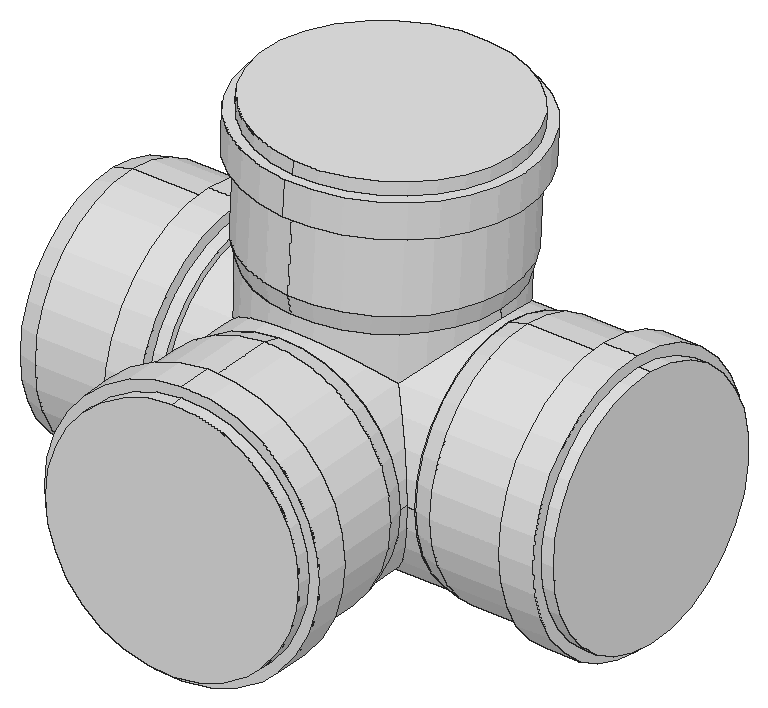
Revit family "EP-Система_Фитинг_НПВХ_Крестовина_Двухплоскостная", category Соединительные детали трубопроводов, Revit 2019
Family settings
  Размер круглого соединителя = Использовать диаметр
  Тип детали = Крестовина
  На основе рабочей плоскости = Нет
  Всегда вертикально = Да
  При загрузке вырезать с полостями = Нет
  Общий = Нет
Parameters (values of type "EP-Система")
  Угол [instance] = 87.00°
  Типовой = no
  Поиск в таблице имен = "EP-Система_Фитинг_НПВХ_Крестовина_Двухплоскостная"
  Description = ""
  Материал = 05 Пластик ПВХ Белый
  Длина 1 [instance] = 60 mm
  Длина 2 [instance] = 62 mm
  z3 [instance] = size_lookup(Поиск в таблице имен, "z3", 100 mm, ADSK_Диаметр условный, Диаметр условный 1, Диаметр условный 2, ADSK_Угол)  # 62 mm
  z21 [instance] = size_lookup(Поиск в таблице имен, "z21", 100.0 mm, ADSK_Диаметр условный, Диаметр условный 1, Диаметр условный 2, ADSK_Угол)  # 62.0 mm
  z20 [instance] = size_lookup(Поиск в таблице имен, "z20", 100.0 mm, ADSK_Диаметр условный, Диаметр условный 1, Диаметр условный 2, ADSK_Угол)  # 62.0 mm
  z1 [instance] = size_lookup(Поиск в таблице имен, "z1", 100 mm, ADSK_Диаметр условный, Диаметр условный 1, Диаметр условный 2, ADSK_Угол)  # 57 mm
  a2 [instance] = z21 * cos(Угол) + z1  # 60.245 mm
  a1 [instance] = z20 * cos(Угол) + z1  # 60.245 mm
  L2 [instance] = z21 * sin(Угол)  # 61.915 mm
  L1 [instance] = z20 * sin(Угол)  # 61.915 mm
  Диаметр условный 1 [instance] = 110 mm
  Диаметр условный 2 [instance] = 110 mm
  ADSK_Угол [instance] = if(Угол < 55.00°, 45.00°, if(Угол < 75.00°, 67.30°, 87.00°))  # 87.00°
  ADSK_Наименование краткое = "Кр."  # constant formula
  ADSK_Наименование [instance] = size_lookup(Поиск в таблице имен, "ADSK_Наименование", "Решение не найдено", ADSK_Диаметр условный, Диаметр условный 1, Диаметр условный 2, ADSK_Угол)  # "Крестовина двухплоскостная DN110x110x110 87°"
  ADSK_Масса_Текст [instance] = ""
  ADSK_Марка [instance] = ""
  ADSK_Код изделия [instance] = size_lookup(Поиск в таблице имен, "ADSK_Код изделия", "Решение не найдено", ADSK_Диаметр условный, Диаметр условный 1, Диаметр условный 2, ADSK_Угол)  # "ЕР1100110032"
  ADSK_Завод-изготовитель [instance] = "Agpipe"  # constant formula
  ADSK_Единица измерения = "шт"  # constant formula
  ADSK_Диаметр условный [instance] = 110 mm
Reference planes
  plane 1 "По центру (Вперед/Назад)": y = 0
  plane 2: z = 0
  plane 3 "По центру (Влево/Вправо)": x = 0
  plane 4: x = -57
  plane 5: x = 62
  plane 6: y = -61.915
  plane 7: x = 3.245
  plane 8: x = 3.245
  plane 9: z = 61.915
Forms (mm)
  Sweep 1, solid, material "05 Пластик ПВХ Белый" <- "Материал", detail levels fine
    path origin (-57, 0, 0) x (-1, 0, 0) y (0, -1, 0)
      loop
        line (0, 0) -> (-119, 0)
    profile origin (2.5, 0, 0) x (0, 1, 0) y (0, 0, 1)
      loop
        circle (0, 0) r 55
  Sweep 2, solid, material "05 Пластик ПВХ Белый" <- "Материал", detail levels fine
    path in 3D
      loop
        line (0, 0, 0) -> (3.245, -61.915, 0)
    profile origin (1.622, -30.958, 0) x (0.99863, 0.052336, 0) y (0, 0, 1)
      loop
        circle (0, 0) r 55
  Sweep 3, solid, material "05 Пластик ПВХ Белый" <- "Материал", detail levels fine
    path in 3D
      loop
        line (0, 0, 0) -> (3.245, 0, 61.915)
    profile origin (1.622, 0, 30.958) x (-0.99863, 0, 0.052336) y (0, -1, 0)
      loop
        circle (0, 0) r 55
  Sweep 4, solid, not visible, detail levels fine
    path origin (-57, 0, 0) x (-1, 0, 0) y (0, -1, 0)
      loop
        line (-57, 0) -> (-57, 5)
    profile origin (0, -2.5, 0) x (1, 0, 0) y (0, 0, 1)
      loop
        circle (0, 0) r 2
Lines and regions (mm)
  model lines, detail levels coarse+medium
    curve 1: line (-57, 0, 0) -> (12.799, 0, 0)
    curve 2: line (-57, 55, 0) -> (-57, -55, 0)
    curve 3: line (12.799, 55, 0) -> (12.799, -55, 0)
    curve 4: line (0, 0, 0) -> (3.245, -61.915, 0)
    curve 5: line (0, 0, 0) -> (3.245, 0, 61.915)
    curve 6: line (-51.68, 0, 64.794) -> (58.169, 0, 59.037)
    curve 9: line (58.169, -59.037, 0) -> (-51.68, -64.794, 0)
  sketch lines
    curve 7: line (0, 0, 0) -> (3.245, -61.915, 0)
    curve 8: line (0, 0, 0) -> (3.245, 0, 61.915)
Dimensions and locks
  "z1": plane 4 to plane 3 "По центру (Влево/Вправо)"
  "z3": plane 3 "По центру (Влево/Вправо)" to plane 5
  equal spacing: curve 2, plane 1 "По центру (Вперед/Назад)", curve 2
  "ADSK_Диаметр условный": curve 2 to curve 2
  equal spacing: curve 3, plane 1 "По центру (Вперед/Назад)", curve 3
  "ADSK_Диаметр условный": curve 3 to curve 3
  "a1": plane 4 to plane 7
  "L1": plane 6 to plane 1 "По центру (Вперед/Назад)"
  "L2": plane 9 to level
  "a2": plane 8 to plane 4
  equal spacing: curve 6, curve 5, curve 6
  "Диаметр условный 2": curve 6 to curve 6
  equal spacing: curve 9, curve 4, curve 9
  "Диаметр условный 1": curve 9 to curve 9
  "ADSK_Диаметр условный": diameter of Sweep 1 sketch curve
  "Диаметр условный 1": diameter of Sweep 2 sketch curve
  "Диаметр условный 2": diameter of Sweep 3 sketch curve
  "Угол": angle level to nested 1
  "Угол": angle nested 4 to plane 1 "По центру (Вперед/Назад)"
  locked: curve 4 to curve 9 (angle 90.00°)
  locked: curve 6 to curve 5 (angle 90.00°)
  aligned and locked: level to plane 2
  aligned and locked: plane 4 to Sweep 1 sketch curve
  aligned and locked: plane 5 to Sweep 1 sketch curve
  aligned and locked: plane 1 "По центру (Вперед/Назад)" to Sweep 1 sketch curve
  aligned and locked: plane 3 "По центру (Влево/Вправо)" to curve 4
  aligned and locked: plane 1 "По центру (Вперед/Назад)" to curve 4
  aligned and locked: plane 7 to curve 4
  aligned and locked: plane 2 to curve 5
  aligned and locked: plane 8 to curve 5
  aligned and locked: plane 3 "По центру (Влево/Вправо)" to curve 5
  aligned and locked: plane 9 to curve 5
  aligned and locked: Sweep 4 sketch curve to plane 3 "По центру (Влево/Вправо)"
  aligned and locked: plane 1 "По центру (Вперед/Назад)" to Sweep 4 sketch curve
  aligned and locked: nested 1 to Sweep 3
  aligned and locked: curve 5 to nested 1
  aligned and locked: plane 1 "По центру (Вперед/Назад)" to nested 1
  aligned and locked: plane 4 to nested 3
  aligned and locked: plane 1 "По центру (Вперед/Назад)" to nested 3
  aligned and locked: plane 1 "По центру (Вперед/Назад)" to nested 2
  aligned and locked: plane 5 to nested 2
  aligned and locked: plane 6 to curve 4
  aligned and locked: nested 4 to Sweep 2
  aligned and locked: curve 4 to nested 4
Automatic sketch dimensions
  Sweep 4 sketch curve to Sweep 4 sketch curve = 5.0 mm
  profile plane to Sweep 4 sketch curve = 0.0 mm
  Sweep 4 sketch curve to profile plane = 0.0 mm
  curve 1 to plane 4 = 0.0 mm
  plane 7 to curve 1 = 9.554 mm
  Sweep 1 sketch curve to profile plane = 0.0 mm  (x2)
  Sweep 2 sketch curve to profile plane = 0.0 mm  (x2)
  Sweep 3 sketch curve to profile plane = 0.0 mm
  profile plane to Sweep 3 sketch curve = 0.0 mm
  radius of Sweep 4 sketch curve = 2.0 mm
Nested families
  nested 1: "Фитинг_ПП_Раструб_Основа(Влож)" at (3.245, 0, 61.915) x (0.0523, 0, 0.9986) z (0, -1, 0), ADSK_Диаметр условный <- "Диаметр условный 2", type "CISP_Фитинг_ПП_Раструб", detail levels fine
    with Толщина Стенки 2 1.5 mm, Толщина Стенки 1 2.4 mm, Длина 67.0 mm, Диаметр Наружный Трубного Кольца 124.4 mm, Диаметр Наружный 114.8 mm, Видимость yes, C 22.0 mm, B 6.0 mm, ADSK_Диаметр условный 110 mm, A 36.0 mm
  nested 2: "Фитинг_ПП_Раструб(Влож)" at (62, 0, 0), ADSK_Диаметр условный <- "ADSK_Диаметр условный", type "CISP_Фитинг_ПП_Раструб", detail levels fine
    with Толщина Стенки 2 1.5 mm, Толщина Стенки 1 2.4 mm, Длина 67.0 mm, Диаметр Наружный Трубного Кольца 124.4 mm, Диаметр Наружный 114.8 mm, Видимость yes, C 22.0 mm, B 6.0 mm, ADSK_Диаметр условный 110 mm, A 36.0 mm
  nested 3: "Фитинг_ПП_Раструб(Влож)" at (-124, 0, 0), ADSK_Диаметр условный <- "ADSK_Диаметр условный", type "CISP_Фитинг_ПП_Раструб", detail levels fine
    with Толщина Стенки 2 1.5 mm, Толщина Стенки 1 2.4 mm, Длина 67.0 mm, Диаметр Наружный Трубного Кольца 124.4 mm, Диаметр Наружный 114.8 mm, Видимость yes, C 22.0 mm, B 6.0 mm, ADSK_Диаметр условный 110 mm, A 36.0 mm
  nested 4: "Фитинг_ПП_Раструб(Влож)" at (3.245, -61.915, 0) x (0.0523, -0.9986, 0) z (0, 0, 1), ADSK_Диаметр условный <- "Диаметр условный 1", type "CISP_Фитинг_ПП_Раструб", detail levels fine
    with Толщина Стенки 2 1.5 mm, Толщина Стенки 1 2.4 mm, Длина 67.0 mm, Диаметр Наружный Трубного Кольца 124.4 mm, Диаметр Наружный 114.8 mm, Видимость yes, C 22.0 mm, B 6.0 mm, ADSK_Диаметр условный 110 mm, A 36.0 mm
Connectors
  piping at (-57, 0, 0), diameter 110, driven by "ADSK_Диаметр условный"
    settings: on Sweep 1, index 1, connector inside diameter 609.6 mm, connector length 0.0 mm, flow factor 0, pipe flow 0.0 L/s, pressure drop 0.0 Pa, fitting loss kfactor 0, connector angle 0.00°, fixture units 0, engagement length 0.0 mm, angle of deflection 0.00°, flow configuration 0, flow direction 0, fitting loss method 0, system type 28, joint type 0, gender type 0, connector reference index 2, connector utility 0, adjustable connector no, is connector primary yes, connector description ""
  piping at (62, 0, 0), diameter 110, driven by "ADSK_Диаметр условный"
    settings: on Sweep 1, index 2, connector inside diameter 609.6 mm, connector length 0.0 mm, flow factor 0, pipe flow 0.0 L/s, pressure drop 0.0 Pa, fitting loss kfactor 0, connector angle 0.00°, fixture units 0, engagement length 0.0 mm, angle of deflection 0.00°, flow configuration 0, flow direction 0, fitting loss method 0, system type 28, joint type 0, gender type 0, connector reference index 1, connector utility 0, adjustable connector no, is connector primary no, connector description ""
  piping at (3.245, -61.915, 0), diameter 110, driven by "Угол", driven by "Диаметр условный 1"
    settings: on Sweep 2, index 3, connector inside diameter 609.6 mm, connector length 0.0 mm, flow factor 0, pipe flow 0.0 L/s, pressure drop 0.0 Pa, fitting loss kfactor 0, connector angle 87.00°, fixture units 0, engagement length 0.0 mm, angle of deflection 0.00°, flow configuration 0, flow direction 0, fitting loss method 0, system type 28, joint type 0, gender type 0, connector reference index 4, connector utility 0, adjustable connector no, is connector primary no, connector description ""
  piping at (3.245, 0, 61.915), diameter 110, driven by "Угол", driven by "Диаметр условный 2"
    settings: on Sweep 3, index 4, connector inside diameter 609.6 mm, connector length 0.0 mm, flow factor 0, pipe flow 0.0 L/s, pressure drop 0.0 Pa, fitting loss kfactor 0, connector angle 87.00°, fixture units 0, engagement length 0.0 mm, angle of deflection 0.00°, flow configuration 0, flow direction 0, fitting loss method 0, system type 28, joint type 0, gender type 0, connector reference index 3, connector utility 0, adjustable connector no, is connector primary no, connector description ""
Definition of nested family "Фитинг_ПП_Раструб_Основа(Влож)"
  Parameters (values of type "CISP_Фитинг_ПП_Раструб_Основа")
    Толщина Стенки 2 [instance] = size_lookup(Поиск в таблице имен, "e3", 1.0 mm, ADSK_Диаметр условный)  # 1.5 mm
    Толщина Стенки 1 [instance] = size_lookup(Поиск в таблице имен, "e2", 1.0 mm, ADSK_Диаметр условный)  # 2.4 mm
    Поиск в таблице имен = "CISP_Фитинг_ПП_Раструб"
    Default Elevation = 1219.2 mm
    Материал = none
    Длина [instance] = A + C + A / 4  # 67.0 mm
    Диаметр Наружный Трубного Кольца [instance] = ADSK_Диаметр условный + 2 * Толщина Стенки 1 + 4 * Толщина Стенки 1  # 124.4 mm
    Диаметр Наружный [instance] = ADSK_Диаметр условный + 2 * Толщина Стенки 1  # 114.8 mm
    Видимость [instance] = yes
    C [instance] = size_lookup(Поиск в таблице имен, "C", 1.0 mm, ADSK_Диаметр условный)  # 22.0 mm
    B [instance] = size_lookup(Поиск в таблице имен, "B", 1.0 mm, ADSK_Диаметр условный)  # 6.0 mm
    ADSK_Диаметр условный [instance] = 110 mm
    A [instance] = size_lookup(Поиск в таблице имен, "A", 1.0 mm, ADSK_Диаметр условный)  # 36.0 mm
  Reference planes
    plane 1 "По центру (Вперед/Назад)": y = 0
    plane 2: z = 0
    plane 3 "По центру (Влево/Вправо)": x = 0
    plane 4: x = 67
    plane 5: z = 57.4
    plane 6: z = -57.4
    plane 7: x = 45
    plane 8: x = 61
    plane 9: x = 9
    plane 10: z = 62.2
    plane 11: z = -62.2
    plane 12: z = 55
    plane 13: z = -55
  Forms (mm)
    Sweep 1, solid, material <- "Материал", visible <- "Видимость"
      path origin (0, 0, 0) x (1, 0, 0) y (0, 0, 1)
        loop
          line (9, 0) -> (67, 0)
      profile origin (38, 0, 0) x (0, 0, 1) y (0, -1, 0)
        loop
          circle (0, 0) r 57.4
    SweptBlend 2, solid, material <- "Материал", visible <- "Видимость"
      path origin (0, 0, 0) x (1, 0, 0) y (0, 0, 1)
        loop
          line (0, 0) -> (9, 0)
      profile origin (0, 0, 0) x (0, 0, 1) y (0, -1, 0)
        loop
          circle (0, 0) r 55
      end profile origin (9, 0, 0) x (0, 0, 1) y (0, -1, 0)
        loop
          circle (0, 0) r 57.4
    Sweep 3, solid, material <- "Материал", visible <- "Видимость"
      path origin (0, 0, 0) x (1, 0, 0) y (0, 0, 1)
        loop
          line (45, 0) -> (61, 0)
      profile origin (53, 0, 0) x (0, 0, 1) y (0, -1, 0)
        loop
          circle (0, 0) r 62.2
  Cuts and joins
    joined: Sweep 1, SweptBlend 2, Sweep 3
  Dimensions and locks
    "Длина": plane 4 to plane 3 "По центру (Влево/Вправо)"
    equal spacing: plane 5, level, plane 6
    "Диаметр Наружный": plane 5 to plane 6
    "C": plane 4 to plane 7
    "A": plane 7 to plane 9
    "B": plane 4 to plane 8
    equal spacing: plane 12, level, plane 13
    "ADSK_Диаметр условный": plane 12 to plane 13
    equal spacing: plane 10, level, plane 11
    "Диаметр Наружный Трубного Кольца": plane 10 to plane 11
    "Диаметр Наружный": diameter of Sweep 1 sketch curve
    "ADSK_Диаметр условный": diameter of SweptBlend 2 sketch curve
    "Диаметр Наружный": diameter of SweptBlend 2 sketch curve
    "Диаметр Наружный Трубного Кольца": diameter of Sweep 3 sketch curve
    aligned and locked: level to plane 2
    aligned and locked: plane 9 to Sweep 1 sketch curve
    aligned and locked: Sweep 1 sketch curve to plane 2
    aligned and locked: plane 4 to Sweep 1 sketch curve
    aligned and locked: plane 3 "По центру (Влево/Вправо)" to SweptBlend 2 sketch curve
    aligned and locked: plane 9 to SweptBlend 2 sketch curve
    aligned and locked: SweptBlend 2 sketch curve to level
    aligned and locked: plane 7 to Sweep 3 sketch curve
    aligned and locked: plane 8 to Sweep 3 sketch curve
    aligned and locked: Sweep 3 sketch curve to plane 2
  Automatic sketch dimensions
    Sweep 1 sketch curve to plane 1 "По центру (Вперед/Назад)" = 0.0 mm
    profile plane to Sweep 1 sketch curve = 0.0 mm
    SweptBlend 2 sketch curve to plane 1 "По центру (Вперед/Назад)" = 0.0 mm  (x2)
    profile plane to SweptBlend 2 sketch curve = 0.0 mm  (x2)
    Sweep 3 sketch curve to plane 1 "По центру (Вперед/Назад)" = 0.0 mm
    profile plane to Sweep 3 sketch curve = 0.0 mm
Definition of nested family "Фитинг_ПП_Раструб(Влож)"
  Parameters (values of type "CISP_Фитинг_ПП_Раструб")
    Толщина Стенки 2 [instance] = size_lookup(Поиск в таблице имен, "e3", 1.0 mm, ADSK_Диаметр условный)  # 1.5 mm
    Толщина Стенки 1 [instance] = size_lookup(Поиск в таблице имен, "e2", 1.0 mm, ADSK_Диаметр условный)  # 2.4 mm
    Поиск в таблице имен = "CISP_Фитинг_ПП_Раструб"
    Материал = none
    Длина [instance] = A + C + A / 4  # 67.0 mm
    Диаметр Наружный Трубного Кольца [instance] = ADSK_Диаметр условный + 2 * Толщина Стенки 1 + 4 * Толщина Стенки 1  # 124.4 mm
    Диаметр Наружный [instance] = ADSK_Диаметр условный + 2 * Толщина Стенки 1  # 114.8 mm
    Видимость [instance] = yes
    C [instance] = size_lookup(Поиск в таблице имен, "C", 1.0 mm, ADSK_Диаметр условный)  # 22.0 mm
    B [instance] = size_lookup(Поиск в таблице имен, "B", 1.0 mm, ADSK_Диаметр условный)  # 6.0 mm
    ADSK_Диаметр условный [instance] = 110 mm
    A [instance] = size_lookup(Поиск в таблице имен, "A", 1.0 mm, ADSK_Диаметр условный)  # 36.0 mm
  Reference planes
    plane 1 "По центру (Вперед/Назад)": y = 0
    plane 2 "12": z = 0
    plane 3 "По центру (Влево/Вправо)": x = 0
    plane 4: x = 67
    plane 5: z = 57.4
    plane 6: z = -57.4
    plane 7: x = 45
    plane 8: x = 61
    plane 9: x = 9
    plane 10: z = 62.2
    plane 11: z = -62.2
    plane 12: z = 55
    plane 13: z = -55
  Forms (mm)
    Sweep 1, solid, material <- "Материал", visible <- "Видимость"
      path origin (0, 0, 0) x (1, 0, 0) y (0, 0, 1)
        loop
          line (9, 0) -> (67, 0)
      profile origin (38, 0, 0) x (0, 0, 1) y (0, -1, 0)
        loop
          circle (0, 0) r 57.4
    SweptBlend 2, solid, material <- "Материал", visible <- "Видимость"
      path origin (0, 0, 0) x (1, 0, 0) y (0, 0, 1)
        loop
          line (0, 0) -> (9, 0)
      profile origin (0, 0, 0) x (0, 0, 1) y (0, -1, 0)
        loop
          circle (0, 0) r 55
      end profile origin (9, 0, 0) x (0, 0, 1) y (0, -1, 0)
        loop
          circle (0, 0) r 57.4
    Sweep 3, solid, material <- "Материал", visible <- "Видимость"
      path origin (0, 0, 0) x (1, 0, 0) y (0, 0, 1)
        loop
          line (45, 0) -> (61, 0)
      profile origin (53, 0, 0) x (0, 0, 1) y (0, -1, 0)
        loop
          circle (0, 0) r 62.2
  Cuts and joins
    joined: Sweep 1, SweptBlend 2, Sweep 3
  Dimensions and locks
    "Длина": plane 4 to plane 3 "По центру (Влево/Вправо)"
    equal spacing: plane 5, level, plane 6
    "Диаметр Наружный": plane 5 to plane 6
    "C": plane 4 to plane 7
    "A": plane 7 to plane 9
    "B": plane 4 to plane 8
    equal spacing: plane 12, level, plane 13
    "ADSK_Диаметр условный": plane 12 to plane 13
    equal spacing: plane 10, level, plane 11
    "Диаметр Наружный Трубного Кольца": plane 10 to plane 11
    "Диаметр Наружный": diameter of Sweep 1 sketch curve
    "ADSK_Диаметр условный": diameter of SweptBlend 2 sketch curve
    "Диаметр Наружный": diameter of SweptBlend 2 sketch curve
    "Диаметр Наружный Трубного Кольца": diameter of Sweep 3 sketch curve
    aligned and locked: level to plane 2 "12"
    aligned and locked: plane 9 to Sweep 1 sketch curve
    aligned and locked: Sweep 1 sketch curve to plane 2 "12"
    aligned and locked: plane 4 to Sweep 1 sketch curve
    aligned and locked: plane 3 "По центру (Влево/Вправо)" to SweptBlend 2 sketch curve
    aligned and locked: plane 9 to SweptBlend 2 sketch curve
    aligned and locked: SweptBlend 2 sketch curve to level
    aligned and locked: plane 7 to Sweep 3 sketch curve
    aligned and locked: plane 8 to Sweep 3 sketch curve
    aligned and locked: Sweep 3 sketch curve to plane 2 "12"
  Automatic sketch dimensions
    Sweep 1 sketch curve to plane 1 "По центру (Вперед/Назад)" = 0.0 mm
    profile plane to Sweep 1 sketch curve = 0.0 mm
    SweptBlend 2 sketch curve to plane 1 "По центру (Вперед/Назад)" = 0.0 mm  (x2)
    profile plane to SweptBlend 2 sketch curve = 0.0 mm  (x2)
    Sweep 3 sketch curve to plane 1 "По центру (Вперед/Назад)" = 0.0 mm
    profile plane to Sweep 3 sketch curve = 0.0 mm
